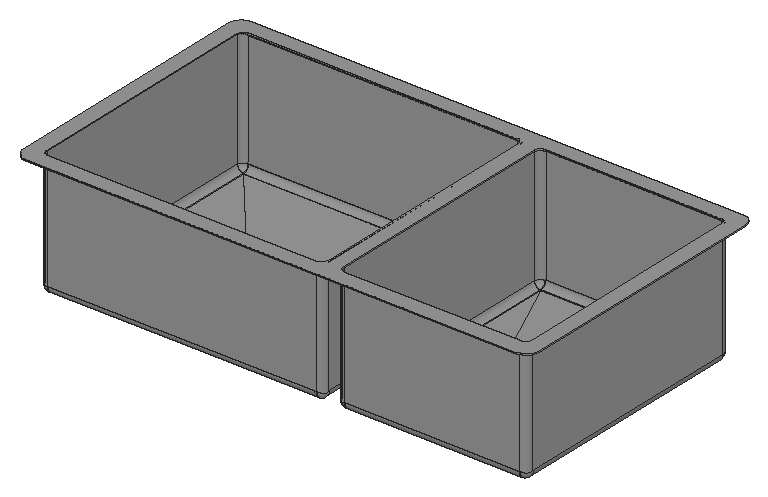
Revit family "BUILDMAT-SNGM015-Lincoln-825-Gunmetal", category Plumbing Fixtures, host Face, Revit 2020
Family settings
  Host = Face
  Round Connector Dimension = Use Diameter
  Part Type = Normal
  Cut with Voids When Loaded = No
  Shared = No
  Room Calculation Point = No
Parameters (values of type "Lincoln 825x450x205mm")
  Width 2 = 300.0 mm
  Width 1 = 450.0 mm
  Undermount [instance] = 20.0 mm
  URL = "https://www.buildmat.com.au/products/825x450x205-single-3qtr-bowl-sink"
  Sound Pad 2 = yes
  Sound Pad 1 = yes
  Model = "SN101015"  # constant formula
  Manufacturer URL = "https://www.buildmat.com.au/"
  Manufacturer = "BUILDMAT"  # constant formula
  Length = 400.0 mm
  Gap = 25.0 mm
  Drain Sound Pad 2 = yes
  Drain Sound Pad 1 = yes
  Description = "BUILDMAT - Lincoln 825x450 Single & 3/4 Bowl Sink"  # constant formula
  Depth = 205.0 mm
  Default Elevation = 1200.0 mm
  D. S. Pad 2 = 230.0 mm
  D. S. Pad 1 = 230.0 mm
  D. Bracket 4 = 100.0 mm
  D. Bracket 3 = 25.0 mm
  D. Bracket 2 = 30.0 mm
  D. Bracket 1 = 100.0 mm
  Created By URL = "https://www.buildmat.com.au/"
  Created By = "BUILDMAT"  # constant formula
  Created = "22.06.2022"  # constant formula
  Bracket 4 = yes
  Bracket 3 = no
  Bracket 2 = yes
  Bracket 1 = yes
  Material = BUILDMAT Gunmetal
Reference planes
  plane 1 "Center (Front/Back)": y = 0
  plane 2: z = 0
  plane 3 "Center (Left/Right)": x = 0
  plane 4: x = -12.5
  plane 5: x = 12.5
  plane 6: x = -462.5
  plane 7: x = 312.5
  plane 8: y = -200
  plane 9: y = 200
  plane 10: x = -487.5
  plane 11: x = 337.5
  plane 12: y = -225
  plane 13: y = 225
  plane 14: x = 162.5
  plane 15: x = -237.5
  plane 16: y = 190
  plane 17: y = -190
  plane 18: x = -452.5
  plane 19: x = -22.5
  plane 20: x = 22.5
  plane 21: x = 302.5
  plane 22: y = 201.5
  plane 23: y = -201.5
  plane 24: x = -464
  plane 25: x = -11
  plane 26: x = 11
  plane 27: x = 314
  plane 28: x = -294.5
  plane 29: x = -180.5
  plane 30: x = -192.5
  plane 31: x = -282.5
  plane 32: x = 105.5
  plane 33: x = 117.5
  plane 34: x = 207.5
  plane 35: x = 219.5
  plane 36 "Sound Pad 1": x = -232.5
  plane 37 "Sound Pad 2": x = 82.5
  plane 38 "Top Substrate": z = -20
  plane 39: z = -18.5
  plane 40 "Bottom Void": z = -225
  plane 41: z = -215
  plane 42: z = -205
  plane 43: z = -220
  plane 44: z = -221.481
  plane 45: z = -216.5
  plane 46 "Sound Pad": z = -125
  plane 47 "Bracket 1": x = -362.5
  plane 48 "Bracket 2": x = -42.5
  plane 49 "Bracket 3": x = 37.5
  plane 50 "Bracket 4": x = 212.5
  plane 51: y = 100
  plane 52: y = -100
  plane 53: x = -337.5
  plane 54: x = -137.5
  plane 55: x = 62.5
  plane 56: x = 262.5
  plane 57: z = -185
  plane 58: z = -165
Forms (mm)
  Extrusion 1, void
    sketch origin (0, 0, 0) x (1, 0, 0) y (0, 1, 0)
      loop
        arc (-452.5, 200) -> (-459.571, 197.071) -> (-462.5, 190) r 10
        line (-462.5, 190) -> (-462.5, -190)
        arc (-462.5, -190) -> (-459.571, -197.071) -> (-452.5, -200) r 10
        line (-452.5, -200) -> (302.5, -200)
        arc (302.5, -200) -> (309.571, -197.071) -> (312.5, -190) r 10
        line (312.5, -190) -> (312.5, 190)
        arc (312.5, 190) -> (309.571, 197.071) -> (302.5, 200) r 10
        line (302.5, 200) -> (-452.5, 200)
    from 0 to -18.5
  Extrusion 2, void
    sketch origin (0, 0, 0) x (1, 0, 0) y (0, 1, 0)
      loop
        arc (-467.5, 225) -> (-481.642, 219.142) -> (-487.5, 205) r 20
        line (-487.5, 205) -> (-487.5, -205)
        arc (-487.5, -205) -> (-481.642, -219.142) -> (-467.5, -225) r 20
        line (-467.5, -225) -> (317.5, -225)
        arc (317.5, -225) -> (331.642, -219.142) -> (337.5, -205) r 20
        line (337.5, -205) -> (337.5, 205)
        arc (337.5, 205) -> (331.642, 219.142) -> (317.5, 225) r 20
        line (317.5, 225) -> (-467.5, 225)
    from -20 to -18.5
  Extrusion 3, void
    sketch origin (0, 0, 0) x (1, 0, 0) y (0, 1, 0)
      loop
        line (-464, 201.5) -> (-464, -201.5) -> (314, -201.5) -> (314, 201.5) -> (-464, 201.5)
    from -225 to -20
  Extrusion 4, solid, material "BUILDMAT Gunmetal" <- "Material"
    sketch origin (0, 0, -20) x (-1, 0, 0) y (0, -1, 0)
      loop
        arc (467.5, -225) -> (481.642, -219.142) -> (487.5, -205) r 20
        line (487.5, -205) -> (487.5, 205)
        arc (487.5, 205) -> (481.642, 219.142) -> (467.5, 225) r 20
        line (467.5, 225) -> (-317.5, 225)
        arc (-317.5, 225) -> (-331.642, 219.142) -> (-337.5, 205) r 20
        line (-337.5, 205) -> (-337.5, -205)
        arc (-337.5, -205) -> (-331.642, -219.142) -> (-317.5, -225) r 20
        line (-317.5, -225) -> (467.5, -225)
      loop
        arc (452.5, -200) -> (459.571, -197.071) -> (462.5, -190) r 10
        line (462.5, -190) -> (462.5, 190)
        arc (462.5, 190) -> (459.571, 197.071) -> (452.5, 200) r 10
        line (452.5, 200) -> (22.5, 200)
        arc (22.5, 200) -> (15.429, 197.071) -> (12.5, 190) r 10
        line (12.5, 190) -> (12.5, -190)
        arc (12.5, -190) -> (15.429, -197.071) -> (22.5, -200) r 10
        line (22.5, -200) -> (452.5, -200)
      loop
        line (-12.5, -190) -> (-12.5, 190)
        arc (-12.5, 190) -> (-15.429, 197.071) -> (-22.5, 200) r 10
        line (-22.5, 200) -> (-302.5, 200)
        arc (-302.5, 200) -> (-309.571, 197.071) -> (-312.5, 190) r 10
        line (-312.5, 190) -> (-312.5, -190)
        arc (-312.5, -190) -> (-309.571, -197.071) -> (-302.5, -200) r 10
        line (-302.5, -200) -> (-22.5, -200)
        arc (-22.5, -200) -> (-15.429, -197.071) -> (-12.5, -190) r 10
    from 0 to 1.5
  Extrusion 5, solid, material "BUILDMAT Gunmetal" <- "Material"
    sketch origin (0, 0, -20) x (-1, 0, 0) y (0, -1, 0)
      loop
        arc (452.5, -200) -> (459.571, -197.071) -> (462.5, -190) r 10
        line (462.5, -190) -> (462.5, 190)
        arc (462.5, 190) -> (459.571, 197.071) -> (452.5, 200) r 10
        line (452.5, 200) -> (22.5, 200)
        arc (22.5, 200) -> (15.429, 197.071) -> (12.5, 190) r 10
        line (12.5, 190) -> (12.5, -190)
        arc (12.5, -190) -> (15.429, -197.071) -> (22.5, -200) r 10
        line (22.5, -200) -> (452.5, -200)
      loop
        arc (452.5, -201.5) -> (460.632, -198.132) -> (464, -190) r 11.5
        line (464, -190) -> (464, 190)
        arc (464, 190) -> (460.632, 198.132) -> (452.5, 201.5) r 11.5
        line (452.5, 201.5) -> (22.5, 201.5)
        arc (22.5, 201.5) -> (14.368, 198.132) -> (11, 190) r 11.5
        line (11, 190) -> (11, -190)
        arc (11, -190) -> (14.368, -198.132) -> (22.5, -201.5) r 11.5
        line (22.5, -201.5) -> (452.5, -201.5)
    from 0 to -185
  Extrusion 6, solid, material "BUILDMAT Gunmetal" <- "Material"
    sketch origin (0, 0, -20) x (-1, 0, 0) y (0, -1, 0)
      loop
        arc (-22.5, -200) -> (-15.429, -197.071) -> (-12.5, -190) r 10
        line (-12.5, -190) -> (-12.5, 190)
        arc (-12.5, 190) -> (-15.429, 197.071) -> (-22.5, 200) r 10
        line (-22.5, 200) -> (-302.5, 200)
        arc (-302.5, 200) -> (-309.571, 197.071) -> (-312.5, 190) r 10
        line (-312.5, 190) -> (-312.5, -190)
        arc (-312.5, -190) -> (-309.571, -197.071) -> (-302.5, -200) r 10
        line (-302.5, -200) -> (-22.5, -200)
      loop
        line (-11, -190) -> (-11, 190)
        arc (-11, 190) -> (-14.368, 198.132) -> (-22.5, 201.5) r 11.5
        line (-22.5, 201.5) -> (-302.5, 201.5)
        arc (-302.5, 201.5) -> (-310.632, 198.132) -> (-314, 190) r 11.5
        line (-314, 190) -> (-314, -190)
        arc (-314, -190) -> (-310.632, -198.132) -> (-302.5, -201.5) r 11.5
        line (-302.5, -201.5) -> (-22.5, -201.5)
        arc (-22.5, -201.5) -> (-14.368, -198.132) -> (-11, -190) r 11.5
    from 0 to -185
  Extrusion 7, solid, material "BUILDMAT Gunmetal" <- "Material"
    sketch origin (0, 0, 0) x (1, 0, 0) y (0, 0, 1)
      loop
        line (-462.5, -205) -> (-464, -205)
        arc (-464, -205) -> (-460.632, -213.132) -> (-452.5, -216.5) r 11.5
        line (-452.5, -216.5) -> (-452.5, -215)
        arc (-452.5, -215) -> (-459.571, -212.071) -> (-462.5, -205) r 10
    from -190 to 190
  Extrusion 8, solid, material "BUILDMAT Gunmetal" <- "Material"
    sketch origin (0, 0, 0) x (1, 0, 0) y (0, 0, 1)
      loop
        arc (-12.5, -205) -> (-15.429, -212.071) -> (-22.5, -215) r 10
        line (-22.5, -215) -> (-22.5, -216.5)
        arc (-22.5, -216.5) -> (-14.368, -213.132) -> (-11, -205) r 11.5
        line (-11, -205) -> (-12.5, -205)
    from -190 to 190
  Extrusion 9, solid, material "BUILDMAT Gunmetal" <- "Material"
    sketch origin (0, 0, 0) x (1, 0, 0) y (0, 0, 1)
      loop
        line (12.5, -205) -> (11, -205)
        arc (11, -205) -> (14.368, -213.132) -> (22.5, -216.5) r 11.5
        line (22.5, -216.5) -> (22.5, -215)
        arc (22.5, -215) -> (15.429, -212.071) -> (12.5, -205) r 10
    from -190 to 190
  Extrusion 10, solid, material "BUILDMAT Gunmetal" <- "Material"
    sketch origin (0, 0, 0) x (1, 0, 0) y (0, 0, 1)
      loop
        arc (312.5, -205) -> (309.571, -212.071) -> (302.5, -215) r 10
        line (302.5, -215) -> (302.5, -216.5)
        arc (302.5, -216.5) -> (310.632, -213.132) -> (314, -205) r 11.5
        line (314, -205) -> (312.5, -205)
    from -190 to 190
  Extrusion 11, solid, material "BUILDMAT Gunmetal" <- "Material"
    sketch origin (0, 0, 0) x (0, 1, 0) y (0, 0, 1)
      loop
        line (201.5, -205) -> (200, -205)
        arc (200, -205) -> (197.071, -212.071) -> (190, -215) r 10
        line (190, -215) -> (190, -216.5)
        arc (190, -216.5) -> (198.132, -213.132) -> (201.5, -205) r 11.5
    from 22.5 to 302.5
  Extrusion 12, solid, material "BUILDMAT Gunmetal" <- "Material"
    sketch origin (0, 0, 0) x (0, 1, 0) y (0, 0, 1)
      loop
        line (-200, -205) -> (-201.5, -205)
        arc (-201.5, -205) -> (-198.132, -213.132) -> (-190, -216.5) r 11.5
        line (-190, -216.5) -> (-190, -215)
        arc (-190, -215) -> (-197.071, -212.071) -> (-200, -205) r 10
    from 22.5 to 302.5
  Extrusion 13, solid, material "BUILDMAT Gunmetal" <- "Material"
    sketch origin (0, 0, 0) x (0, 1, 0) y (0, 0, 1)
      loop
        arc (200, -205) -> (197.071, -212.071) -> (190, -215) r 10
        line (190, -215) -> (190, -216.5)
        arc (190, -216.5) -> (198.132, -213.132) -> (201.5, -205) r 11.5
        line (201.5, -205) -> (200, -205)
    from -452.5 to -22.5
  Extrusion 14, solid, material "BUILDMAT Gunmetal" <- "Material"
    sketch origin (0, 0, 0) x (0, 1, 0) y (0, 0, 1)
      loop
        line (-200, -205) -> (-201.5, -205)
        arc (-201.5, -205) -> (-198.132, -213.132) -> (-190, -216.5) r 11.5
        line (-190, -216.5) -> (-190, -215)
        arc (-190, -215) -> (-197.071, -212.071) -> (-200, -205) r 10
    from -452.5 to -22.5
  Revolve 15, solid, material "BUILDMAT Gunmetal" <- "Material"
    sketch origin (-423.435, 190, 4000) x (-1, 0, 0) y (0, 0, 1)
      loop
        arc (39.065, -4205) -> (36.136, -4212.071) -> (29.065, -4215) r 10
        line (29.065, -4215) -> (29.065, -4216.5)
        arc (29.065, -4216.5) -> (37.196, -4213.132) -> (40.565, -4205) r 11.5
        line (40.565, -4205) -> (39.065, -4205)
      axis (29.065, -4205) -> (29.065, -4216.5)
    angle from -90 to 0
  Revolve 16, solid, material "BUILDMAT Gunmetal" <- "Material"
    sketch origin (-423.435, 190, 4000) x (-1, 0, 0) y (0, 0, 1)
      loop
        line (-410.935, -4205) -> (-412.435, -4205)
        arc (-412.435, -4205) -> (-409.067, -4213.132) -> (-400.935, -4216.5) r 11.5
        line (-400.935, -4216.5) -> (-400.935, -4215)
        arc (-400.935, -4215) -> (-408.006, -4212.071) -> (-410.935, -4205) r 10
      axis (-400.935, -4205) -> (-400.935, -4216.5)
    angle from -90 to 0
  Revolve 17, solid, material "BUILDMAT Gunmetal" <- "Material"
    sketch origin (-423.435, 190, 4000) x (-1, 0, 0) y (0, 0, 1)
      loop
        arc (-435.935, -4205) -> (-438.864, -4212.071) -> (-445.935, -4215) r 10
        line (-445.935, -4215) -> (-445.935, -4216.5)
        arc (-445.935, -4216.5) -> (-437.804, -4213.132) -> (-434.435, -4205) r 11.5
        line (-434.435, -4205) -> (-435.935, -4205)
      axis (-445.935, -4205) -> (-445.935, -4216.5)
    angle from -90 to 0
  Revolve 18, solid, material "BUILDMAT Gunmetal" <- "Material"
    sketch origin (-423.435, 190, 4000) x (-1, 0, 0) y (0, 0, 1)
      loop
        line (-735.935, -4205) -> (-737.435, -4205)
        arc (-737.435, -4205) -> (-734.067, -4213.132) -> (-725.935, -4216.5) r 11.5
        line (-725.935, -4216.5) -> (-725.935, -4215)
        arc (-725.935, -4215) -> (-733.006, -4212.071) -> (-735.935, -4205) r 10
      axis (-725.935, -4205) -> (-725.935, -4216.5)
    angle from -90 to 0
  Revolve 19, solid, material "BUILDMAT Gunmetal" <- "Material"
    sketch origin (-423.435, -190, 4000) x (-1, 0, 0) y (0, 0, 1)
      loop
        arc (39.065, -4205) -> (36.136, -4212.071) -> (29.065, -4215) r 10
        line (29.065, -4215) -> (29.065, -4216.5)
        arc (29.065, -4216.5) -> (37.196, -4213.132) -> (40.565, -4205) r 11.5
        line (40.565, -4205) -> (39.065, -4205)
      axis (29.065, -4205) -> (29.065, -4216.5)
    angle from 0 to 90
  Revolve 20, solid, material "BUILDMAT Gunmetal" <- "Material"
    sketch origin (-423.435, -190, 4000) x (-1, 0, 0) y (0, 0, 1)
      loop
        arc (-412.435, -4205) -> (-409.067, -4213.132) -> (-400.935, -4216.5) r 11.5
        line (-400.935, -4216.5) -> (-400.935, -4215)
        arc (-400.935, -4215) -> (-408.006, -4212.071) -> (-410.935, -4205) r 10
        line (-410.935, -4205) -> (-412.435, -4205)
      axis (-400.935, -4205) -> (-400.935, -4216.5)
    angle from 0 to 90
  Revolve 21, solid, material "BUILDMAT Gunmetal" <- "Material"
    sketch origin (-423.435, -190, 4000) x (-1, 0, 0) y (0, 0, 1)
      loop
        line (-434.435, -4205) -> (-435.935, -4205)
        arc (-435.935, -4205) -> (-438.864, -4212.071) -> (-445.935, -4215) r 10
        line (-445.935, -4215) -> (-445.935, -4216.5)
        arc (-445.935, -4216.5) -> (-437.804, -4213.132) -> (-434.435, -4205) r 11.5
      axis (-445.935, -4205) -> (-445.935, -4216.5)
    angle from 0 to 90
  Revolve 22, solid, material "BUILDMAT Gunmetal" <- "Material"
    sketch origin (-423.435, -190, 4000) x (-1, 0, 0) y (0, 0, 1)
      loop
        arc (-737.435, -4205) -> (-734.067, -4213.132) -> (-725.935, -4216.5) r 11.5
        line (-725.935, -4216.5) -> (-725.935, -4215)
        arc (-725.935, -4215) -> (-733.006, -4212.071) -> (-735.935, -4205) r 10
        line (-735.935, -4205) -> (-737.435, -4205)
      axis (-725.935, -4205) -> (-725.935, -4216.5)
    angle from 0 to 90
  Extrusion 23, solid, material "BUILDMAT Gunmetal" <- "Material"
    sketch origin (0, 0, -20) x (-1, 0, 0) y (0, -1, 0)
      loop
        line (22.5, -190) -> (452.5, -190) -> (452.5, 190) -> (22.5, 190) -> (22.5, -190)
    from -196.5 to -195
  Extrusion 24, solid, material "BUILDMAT Gunmetal" <- "Material"
    sketch origin (0, 0, -20) x (-1, 0, 0) y (0, -1, 0)
      loop
        line (-22.5, -190) -> (-22.5, 190) -> (-302.5, 190) -> (-302.5, -190) -> (-22.5, -190)
    from -196.5 to -195
  Blend 25, solid, material "BUILDMAT Gunmetal" <- "Material"
    base sketch origin (0, 0, -20) x (-1, 0, 0) y (0, -1, 0)
      loop
        circle (237.5, 0) r 57
    top sketch origin (0, 0, -20) x (-1, 0, 0) y (0, -1, 0)
      loop
        line (452.5, -190) -> (452.5, 190) -> (22.5, 190) -> (22.5, -190) -> (452.5, -190)
    from -201.481 to -196.5
  Blend 26, solid, material "BUILDMAT Gunmetal" <- "Material"
    base sketch origin (0, 0, -20) x (-1, 0, 0) y (0, -1, 0)
      loop
        circle (-162.5, 0) r 57
    top sketch origin (0, 0, -20) x (-1, 0, 0) y (0, -1, 0)
      loop
        line (-22.5, -190) -> (-22.5, 190) -> (-302.5, 190) -> (-302.5, -190) -> (-22.5, -190)
    from -201.481 to -196.5
  Blend 27, void
    base sketch origin (0, 0, -20) x (-1, 0, 0) y (0, -1, 0)
      loop
        circle (237.5, 0) r 57
    top sketch origin (0, 0, -20) x (-1, 0, 0) y (0, -1, 0)
      loop
        line (452.5, -190) -> (452.5, 190) -> (22.5, 190) -> (22.5, -190) -> (452.5, -190)
    from -200 to -195
  Blend 28, void
    base sketch origin (0, 0, -20) x (-1, 0, 0) y (0, -1, 0)
      loop
        circle (-162.5, 0) r 57
    top sketch origin (0, 0, -20) x (-1, 0, 0) y (0, -1, 0)
      loop
        line (-22.5, -190) -> (-22.5, 190) -> (-302.5, 190) -> (-302.5, -190) -> (-22.5, -190)
    from -200 to -195
  Extrusion 29, void
    sketch origin (0, 0, -225) x (-1, 0, 0) y (0, -1, 0)
      loop
        circle (237.5, 0) r 57
    from 0 to 5
  Extrusion 30, void
    sketch origin (0, 0, -225) x (-1, 0, 0) y (0, -1, 0)
      loop
        circle (-162.5, 0) r 57
    from 0 to 5
  Revolve 31, solid, material "BUILDMAT Gunmetal" <- "Material"
    sketch origin (0, 0, 0) x (1, 0, 0) y (0, 0, 1)
      loop
        spline (-294.5, -220) -> (-294.397, -220.653) -> (-294.091, -221.294) -> (-293.587, -221.913) -> (-292.892, -222.5) -> (-292.02, -223.044) -> (-290.985, -223.536) -> (-289.805, -223.967) -> (-288.5, -224.33) -> (-287.092, -224.619) -> (-285.606, -224.83) -> (-284.066, -224.957) -> (-282.5, -225)
        line (-282.5, -225) -> (-282.5, -223.5)
        spline (-282.5, -223.5) -> (-283.871, -223.47) -> (-285.218, -223.381) -> (-286.518, -223.234) -> (-287.75, -223.031) -> (-288.892, -222.777) -> (-289.925, -222.475) -> (-290.83, -222.131) -> (-291.593, -221.75) -> (-292.201, -221.339) -> (-292.642, -220.906) -> (-292.91, -220.457) -> (-293, -220)
        line (-293, -220) -> (-294.5, -220)
      axis (-237.5, -225) -> (-237.5, -220)
    angle from 0 to 360
  Revolve 32, solid, material "BUILDMAT Gunmetal" <- "Material"
    sketch origin (0, 0, 0) x (1, 0, 0) y (0, 0, 1)
      loop
        line (219.5, -220) -> (218, -220)
        spline (218, -220) -> (217.91, -220.457) -> (217.642, -220.906) -> (217.201, -221.339) -> (216.593, -221.75) -> (215.83, -222.131) -> (214.925, -222.475) -> (213.892, -222.777) -> (212.75, -223.031) -> (211.518, -223.234) -> (210.218, -223.381) -> (208.871, -223.47) -> (207.5, -223.5)
        line (207.5, -223.5) -> (207.5, -225)
        spline (207.5, -225) -> (209.066, -224.957) -> (210.606, -224.83) -> (212.092, -224.619) -> (213.5, -224.33) -> (214.805, -223.967) -> (215.985, -223.536) -> (217.02, -223.044) -> (217.892, -222.5) -> (218.587, -221.913) -> (219.091, -221.294) -> (219.397, -220.653) -> (219.5, -220)
      axis (162.5, -220) -> (162.5, -225)
    angle from 0 to 360
Cuts and joins
  Blend 27, Extrusion 29 cuts Extrusion 23
  Blend 27, Extrusion 29 cuts Blend 25
  joined: Extrusion 23, Blend 25
  Blend 28, Extrusion 30 cuts Extrusion 24
  Blend 28, Extrusion 30 cuts Blend 26
  joined: Extrusion 24, Blend 26
Lines and regions (mm)
  Masking region 1
    outline origin (0, 0, 0) x (1, 0, 0) y (0, 0, 1)
      loop
        line (-462.5, -20) -> (-462.5, -205)
        arc (-462.5, -205) -> (-459.791, -211.844) -> (-453.132, -214.98) r 10
        line (-453.132, -214.98) -> (-294.5, -220) -> (-180.5, -220) -> (-22.5, -215)
        arc (-22.5, -215) -> (-15.429, -212.071) -> (-12.5, -205) r 10
        line (-12.5, -205) -> (-12.5, -20) -> (-462.5, -20)
  Masking region 2
    outline origin (0, 0, 0) x (1, 0, 0) y (0, 0, 1)
      loop
        line (12.5, -20) -> (12.5, -205)
        arc (12.5, -205) -> (15.017, -211.633) -> (21.3, -214.928) r 10
        line (21.3, -214.928) -> (105.5, -220) -> (219.5, -220) -> (302.5, -215)
        arc (302.5, -215) -> (309.571, -212.071) -> (312.5, -205) r 10
        line (312.5, -205) -> (312.5, -20) -> (12.5, -20)
  Masking region 3, visible <- "Drain Sound Pad 1"
    outline origin (0, 0, 0) x (1, 0, 0) y (0, 0, 1)
      loop
        line (-294.5, -221.481) -> (-337.5, -220.126) -> (-337.5, -225) -> (-294.5, -225) -> (-294.5, -221.481)
  Masking region 4, visible <- "Drain Sound Pad 1"
    outline origin (0, 0, 0) x (1, 0, 0) y (0, 0, 1)
      loop
        line (-180.5, -221.481) -> (-180.5, -225) -> (-137.5, -225) -> (-137.5, -220.126) -> (-180.5, -221.481)
  Masking region 5, visible <- "Drain Sound Pad 2"
    outline origin (0, 0, 0) x (1, 0, 0) y (0, 0, 1)
      loop
        line (62.5, -218.901) -> (62.5, -225) -> (105.5, -225) -> (105.5, -221.481) -> (62.5, -218.901)
  Masking region 6, visible <- "Drain Sound Pad 2"
    outline origin (0, 0, 0) x (1, 0, 0) y (0, 0, 1)
      loop
        line (262.5, -218.901) -> (219.5, -221.481) -> (219.5, -225) -> (262.5, -225) -> (262.5, -218.901)
  Masking region 7
    outline origin (0, 0, 0) x (1, 0, 0) y (0, 0, 1)
      loop
        line (-11, -165) -> (-11, -185) -> (11, -185) -> (11, -165) -> (-11, -165)
Text (mm)
  text "Refer to www.buildmat.com.au for the most current product literature. \nAllow a +/- 5mm tolerance for dimensions shown in the product literature. \nPlease note product details are subject to change due to ongoing product development." at (0.056, -1035.857, 0), in view "Ref. Level"
Dimensions and locks
  equal spacing: plane 4, plane 3 "Center (Left/Right)", plane 5
  "Gap": plane 4 to plane 5
  "Width 1": plane 6 to plane 4
  "Width 2": plane 5 to plane 7
  equal spacing: plane 9, plane 1 "Center (Front/Back)", plane 8
  "Length": plane 8 to plane 9
  locked: plane 10 to plane 6 at 25
  locked: plane 7 to plane 11 at 25
  locked: plane 13 to plane 9 at 25
  locked: plane 8 to plane 12 at 25
  equal spacing: plane 5, plane 14, plane 7
  equal spacing: plane 6, plane 15, plane 4
  locked: plane 9 to plane 16 at 10
  locked: plane 17 to plane 8 at 10
  locked: plane 6 to plane 18 at 10
  locked: plane 19 to plane 4 at 10
  locked: plane 5 to plane 20 at 10
  locked: plane 21 to plane 7 at 10
  locked: plane 8 to plane 23 at 1.5
  locked: plane 22 to plane 9 at 1.5
  locked: plane 24 to plane 6 at 1.5
  locked: plane 4 to plane 25 at 1.5
  locked: plane 26 to plane 5 at 1.5
  locked: plane 7 to plane 27 at 1.5
  plane 28 to plane 15 to plane 29 = 57.0 mm locked, 57.0 mm locked
  plane 31 to plane 15 to plane 30 = 45.0 mm locked, 45.0 mm locked
  plane 32 to plane 14 to plane 35 = 57.0 mm locked, 57.0 mm locked
  plane 33 to plane 14 to plane 34 = 45.0 mm locked, 45.0 mm locked
  locked: plane 39 to plane 38 "Top Substrate" at 1.5
  plane 42 to plane 41 to plane 40 "Bottom Void" = 10.0 mm locked, 10.0 mm locked
  locked: plane 43 to plane 40 "Bottom Void" at 5
  locked: plane 43 to plane 44 at 1.481
  locked: plane 41 to plane 45 at 1.5
  locked: plane 46 "Sound Pad" to plane 40 "Bottom Void" at 100
  "Depth": plane 38 "Top Substrate" to plane 40 "Bottom Void"
  "Undermount": plane 2 to plane 38 "Top Substrate"
  "D. S. Pad 1": plane 36 "Sound Pad 1" to plane 6
  "D. S. Pad 2": plane 7 to plane 37 "Sound Pad 2"
  "D. Bracket 1": plane 47 "Bracket 1" to plane 6
  "D. Bracket 2": plane 4 to plane 48 "Bracket 2"
  "D. Bracket 3": plane 49 "Bracket 3" to plane 5
  "D. Bracket 4": plane 7 to plane 50 "Bracket 4"
  locked: plane 9 to plane 51 at 100
  locked: plane 52 to plane 8 at 100
  plane 54 to plane 15 to plane 53 = 100.0 mm locked, 100.0 mm locked
  plane 56 to plane 14 to plane 55 = 100.0 mm locked, 100.0 mm locked
  plane 58 to plane 57 to plane 42 = 20.0 mm locked, 20.0 mm locked
  aligned and locked: plane 2 to host face
  aligned and locked: level to host face
  aligned and locked: Extrusion 1 sketch curve to plane 9
  aligned and locked: Extrusion 1 sketch curve to plane 6
  aligned and locked: Extrusion 1 sketch curve to plane 7
  aligned and locked: Extrusion 1 sketch curve to plane 8
  aligned and locked: Extrusion 1 to level
  aligned and locked: Extrusion 1 to plane 39
  aligned and locked: Extrusion 2 sketch curve to plane 13
  aligned and locked: Extrusion 2 sketch curve to plane 10
  aligned and locked: Extrusion 2 sketch curve to plane 11
  aligned and locked: Extrusion 2 sketch curve to plane 12
  aligned and locked: Extrusion 2 to plane 38 "Top Substrate"
  aligned and locked: Extrusion 2 to plane 39
  aligned and locked: Extrusion 3 sketch curve to plane 22
  aligned and locked: Extrusion 3 sketch curve to plane 24
  aligned and locked: Extrusion 3 sketch curve to plane 27
  aligned and locked: Extrusion 3 sketch curve to plane 23
  aligned and locked: Extrusion 3 to plane 40 "Bottom Void"
  aligned and locked: plane 38 "Top Substrate" to Extrusion 3
  aligned and locked: Extrusion 4 sketch curve to plane 13
  aligned and locked: Extrusion 4 sketch curve to plane 10
  aligned and locked: Extrusion 4 sketch curve to plane 11
  aligned and locked: Extrusion 4 sketch curve to plane 12
  aligned and locked: Extrusion 4 sketch curve to plane 9  (x2)
  aligned and locked: Extrusion 4 sketch curve to plane 6
  aligned and locked: Extrusion 4 sketch curve to plane 8  (x2)
  aligned and locked: Extrusion 4 sketch curve to plane 4
  aligned and locked: Extrusion 4 sketch curve to plane 5
  aligned and locked: Extrusion 4 sketch curve to plane 7
  aligned and locked: Extrusion 4 to plane 38 "Top Substrate"
  aligned and locked: Extrusion 4 to plane 39
  aligned and locked: Extrusion 5 sketch curve to plane 9
  aligned and locked: Extrusion 5 sketch curve to plane 22
  aligned and locked: Extrusion 5 sketch curve to plane 6
  aligned and locked: Extrusion 5 sketch curve to plane 24
  aligned and locked: Extrusion 5 sketch curve to plane 25
  aligned and locked: Extrusion 5 sketch curve to plane 4
  aligned and locked: Extrusion 5 sketch curve to plane 23
  aligned and locked: Extrusion 5 sketch curve to plane 8
  aligned and locked: Extrusion 5 to plane 42
  aligned and locked: plane 38 "Top Substrate" to Extrusion 5
  aligned and locked: Extrusion 6 sketch curve to plane 9
  aligned and locked: Extrusion 6 sketch curve to plane 7
  aligned and locked: Extrusion 6 sketch curve to plane 8
  aligned and locked: Extrusion 6 sketch curve to plane 5
  aligned and locked: Extrusion 6 sketch curve to plane 26
  aligned and locked: Extrusion 6 sketch curve to plane 27
  aligned and locked: Extrusion 6 sketch curve to plane 22
  aligned and locked: Extrusion 6 sketch curve to plane 23
  aligned and locked: Extrusion 6 to plane 42
  aligned and locked: plane 38 "Top Substrate" to Extrusion 6
  aligned and locked: Extrusion 7 sketch curve to plane 42
  aligned and locked: Extrusion 7 sketch curve to plane 18
  aligned and locked: Extrusion 8 sketch curve to plane 42
  aligned and locked: Extrusion 8 sketch curve to plane 19
  aligned and locked: Extrusion 9 sketch curve to plane 42
  aligned and locked: Extrusion 9 sketch curve to plane 20
  aligned and locked: Extrusion 10 sketch curve to plane 21
  aligned and locked: plane 42 to Extrusion 10 sketch curve
  aligned and locked: plane 16 to Extrusion 10
  aligned and locked: plane 16 to Extrusion 9
  aligned and locked: plane 16 to Extrusion 8
  aligned and locked: plane 16 to Extrusion 7
  aligned and locked: Extrusion 10 to plane 17
  aligned and locked: Extrusion 9 to plane 17
  aligned and locked: Extrusion 8 to plane 17
  aligned and locked: Extrusion 7 to plane 17
  aligned and locked: plane 42 to Extrusion 11 sketch curve
  aligned and locked: plane 16 to Extrusion 11 sketch curve
  aligned and locked: plane 17 to Extrusion 12 sketch curve
  aligned and locked: plane 42 to Extrusion 12 sketch curve
  aligned and locked: plane 21 to Extrusion 11
  aligned and locked: plane 21 to Extrusion 12
  aligned and locked: Extrusion 11 to plane 20
  aligned and locked: Extrusion 12 to plane 20
  aligned and locked: plane 16 to Extrusion 13 sketch curve
  aligned and locked: plane 42 to Extrusion 13 sketch curve
  aligned and locked: plane 17 to Extrusion 14 sketch curve
  aligned and locked: plane 42 to Extrusion 14 sketch curve
  aligned and locked: Extrusion 14 to plane 18
  aligned and locked: plane 19 to Extrusion 14
  aligned and locked: Extrusion 13 to plane 18
  aligned and locked: plane 19 to Extrusion 13
  aligned and locked: Revolve 15 sketch curve to plane 18
  aligned and locked: Revolve 15 sketch curve to plane 42
  aligned and locked: plane 18 to Revolve 15 sketch curve
  aligned and locked: plane 18 to Revolve 15
  aligned and locked: plane 16 to Revolve 15
  aligned and locked: Revolve 16 sketch curve to plane 19
  aligned and locked: plane 19 to Revolve 16 sketch curve
  aligned and locked: plane 42 to Revolve 16 sketch curve
  aligned and locked: Revolve 16 to plane 19
  aligned and locked: plane 16 to Revolve 16
  aligned and locked: Revolve 17 sketch curve to plane 20
  aligned and locked: plane 42 to Revolve 17 sketch curve
  aligned and locked: plane 20 to Revolve 17 sketch curve
  aligned and locked: plane 20 to Revolve 17
  aligned and locked: plane 16 to Revolve 17
  aligned and locked: Revolve 18 sketch curve to plane 21
  aligned and locked: plane 21 to Revolve 18 sketch curve
  aligned and locked: plane 42 to Revolve 18 sketch curve
  aligned and locked: Revolve 18 to plane 21
  aligned and locked: Revolve 18 to plane 16
  aligned and locked: Revolve 19 sketch curve to plane 18
  aligned and locked: Revolve 19 sketch curve to plane 42
  aligned and locked: plane 18 to Revolve 19 sketch curve
  aligned and locked: Revolve 19 to plane 18
  aligned and locked: plane 17 to Revolve 19
  aligned and locked: Revolve 20 sketch curve to plane 19
  aligned and locked: plane 42 to Revolve 20 sketch curve
  aligned and locked: plane 19 to Revolve 20 sketch curve
  aligned and locked: plane 19 to Revolve 20
  aligned and locked: plane 17 to Revolve 20
  aligned and locked: Revolve 21 sketch curve to plane 20
  aligned and locked: plane 42 to Revolve 21 sketch curve
  aligned and locked: plane 20 to Revolve 21 sketch curve
  aligned and locked: Revolve 21 to plane 20
  aligned and locked: plane 17 to Revolve 21
  aligned and locked: Revolve 22 sketch curve to plane 21
  aligned and locked: plane 42 to Revolve 22 sketch curve
  aligned and locked: plane 21 to Revolve 22 sketch curve
  aligned and locked: Revolve 22 to plane 17
  aligned and locked: plane 21 to Revolve 22
  aligned and locked: Extrusion 23 sketch curve to plane 19
  aligned and locked: Extrusion 23 sketch curve to plane 18
  aligned and locked: Extrusion 23 sketch curve to plane 16
  aligned and locked: Extrusion 23 sketch curve to plane 17
  aligned and locked: Extrusion 23 to plane 45
  aligned and locked: plane 41 to Extrusion 23
  aligned and locked: Extrusion 24 sketch curve to plane 16
  aligned and locked: Extrusion 24 sketch curve to plane 17
  aligned and locked: Extrusion 24 sketch curve to plane 21
  aligned and locked: Extrusion 24 sketch curve to plane 20
  aligned and locked: Extrusion 24 to plane 45
  aligned and locked: Extrusion 24 to plane 41
  aligned and locked: plane 44 to Blend 25
  aligned and locked: plane 45 to Blend 25
  aligned and locked: plane 44 to Blend 26
  aligned and locked: Blend 26 to plane 45
  aligned and locked: Blend 25 sketch curve to plane 16
  aligned and locked: Blend 25 sketch curve to plane 17
  aligned and locked: Blend 25 sketch curve to plane 18
  aligned and locked: Blend 25 sketch curve to plane 19
  aligned and locked: Blend 26 sketch curve to plane 16
  aligned and locked: Blend 26 sketch curve to plane 17
  aligned and locked: Blend 26 sketch curve to plane 21
  aligned and locked: Blend 26 sketch curve to plane 20
  aligned and locked: Blend 27 sketch curve to plane 16
  aligned and locked: Blend 27 sketch curve to plane 17
  aligned and locked: Blend 27 sketch curve to plane 18
  aligned and locked: Blend 27 sketch curve to plane 19
  aligned and locked: Blend 27 to plane 43
  aligned and locked: plane 41 to Blend 27
  aligned and locked: Blend 28 sketch curve to plane 16
  aligned and locked: Blend 28 sketch curve to plane 17
  aligned and locked: Blend 28 sketch curve to plane 21
  aligned and locked: Blend 28 sketch curve to plane 20
  aligned and locked: Blend 28 to plane 43
  aligned and locked: Blend 28 to plane 41
  aligned and locked: Extrusion 29 to plane 40 "Bottom Void"
  aligned and locked: plane 43 to Extrusion 29
  aligned and locked: Extrusion 30 to plane 40 "Bottom Void"
  aligned and locked: plane 43 to Extrusion 30
  aligned and locked: plane 15 to Revolve 31 sketch curve
  aligned and locked: Revolve 31 sketch curve to plane 43
  aligned and locked: plane 31 to Revolve 31 sketch curve
  aligned and locked: Revolve 32 sketch curve to plane 14
  aligned and locked: plane 34 to Revolve 32 sketch curve
  aligned and locked: plane 43 to Revolve 32 sketch curve
  aligned and locked: plane 18 to nested 1
  aligned and locked: plane 19 to nested 1
  aligned and locked: plane 17 to nested 1
  aligned and locked: plane 16 to nested 1
  aligned and locked: plane 20 to nested 2
  aligned and locked: plane 21 to nested 2
  aligned and locked: nested 2 to plane 17
  aligned and locked: nested 2 to plane 16
  aligned and locked: plane 14 to nested 4
  aligned and locked: plane 15 to nested 3
  aligned and locked: plane 1 "Center (Front/Back)" to nested 3
  aligned and locked: plane 1 "Center (Front/Back)" to nested 4
  aligned and locked: plane 51 to nested 5
  aligned and locked: plane 24 to nested 5
  aligned and locked: plane 52 to nested 6
  aligned and locked: plane 24 to nested 6
  aligned and locked: plane 51 to nested 7
  aligned and locked: plane 52 to nested 8
  aligned and locked: nested 8 to plane 27
  aligned and locked: nested 7 to plane 27
  aligned and locked: nested 13 to plane 47 "Bracket 1"
  aligned and locked: nested 14 to plane 48 "Bracket 2"
  aligned and locked: plane 23 to nested 13
  aligned and locked: plane 23 to nested 14
  aligned and locked: nested 15 to plane 49 "Bracket 3"
  aligned and locked: plane 23 to nested 15
  aligned and locked: nested 16 to plane 50 "Bracket 4"
  aligned and locked: plane 23 to nested 16
  aligned and locked: plane 47 "Bracket 1" to nested 9
  aligned and locked: nested 9 to plane 22
  aligned and locked: plane 48 "Bracket 2" to nested 10
  aligned and locked: nested 10 to plane 22
  aligned and locked: plane 49 "Bracket 3" to nested 11
  aligned and locked: plane 50 "Bracket 4" to nested 12
  aligned and locked: nested 12 to plane 22
  aligned and locked: nested 11 to plane 22
  aligned and locked: Masking region 1 sketch curve to plane 38 "Top Substrate"
  aligned and locked: Masking region 1 sketch curve to plane 6
  aligned and locked: Masking region 1 sketch curve to plane 4
  aligned and locked: Masking region 1 sketch curve to Extrusion 7
  aligned and locked: Masking region 1 sketch curve to Extrusion 8
  aligned and locked: Masking region 1 sketch curve to plane 43
  aligned and locked: Masking region 1 sketch curve to cut or joined group of Extrusion 23, Blend 25, Blend 27, Extrusion 29  (x2)
  aligned and locked: Masking region 2 sketch curve to plane 38 "Top Substrate"
  aligned and locked: Masking region 2 sketch curve to plane 43
  aligned and locked: Masking region 2 sketch curve to plane 7
  aligned and locked: Masking region 2 sketch curve to plane 5
  aligned and locked: Masking region 2 sketch curve to Extrusion 9
  aligned and locked: Masking region 2 sketch curve to cut or joined group of Extrusion 24, Blend 26, Blend 28, Extrusion 30  (x2)
  aligned and locked: Masking region 2 sketch curve to Extrusion 10
  aligned and locked: nested 17 to plane 38 "Top Substrate"
  aligned and locked: plane 47 "Bracket 1" to nested 17
  aligned and locked: nested 18 to plane 38 "Top Substrate"
  aligned and locked: plane 48 "Bracket 2" to nested 18
  aligned and locked: nested 20 to plane 38 "Top Substrate"
  aligned and locked: plane 50 "Bracket 4" to nested 20
  aligned and locked: nested 19 to plane 38 "Top Substrate"
  aligned and locked: plane 49 "Bracket 3" to nested 19
  aligned and locked: nested 21 to plane 46 "Sound Pad"
  aligned and locked: plane 36 "Sound Pad 1" to nested 21
  aligned and locked: nested 22 to plane 46 "Sound Pad"
  aligned and locked: plane 37 "Sound Pad 2" to nested 22
  aligned and locked: Masking region 3 sketch curve to plane 28
  aligned and locked: cut or joined group of Extrusion 23, Blend 25, Blend 27, Extrusion 29 to Masking region 3 sketch curve
  aligned and locked: Masking region 3 sketch curve to plane 40 "Bottom Void"
  aligned and locked: Masking region 3 sketch curve to plane 53
  aligned and locked: Masking region 4 sketch curve to plane 29
  aligned and locked: Masking region 4 sketch curve to plane 54
  aligned and locked: Masking region 4 sketch curve to plane 40 "Bottom Void"
  aligned and locked: Masking region 4 sketch curve to cut or joined group of Extrusion 23, Blend 25, Blend 27, Extrusion 29
  aligned and locked: cut or joined group of Extrusion 24, Blend 26, Blend 28, Extrusion 30 to Masking region 5 sketch curve
  aligned and locked: Masking region 5 sketch curve to plane 55
  aligned and locked: Masking region 5 sketch curve to plane 32
  aligned and locked: Masking region 5 sketch curve to plane 40 "Bottom Void"
  aligned and locked: Masking region 6 sketch curve to plane 56
  aligned and locked: Masking region 6 sketch curve to plane 35
  aligned and locked: Masking region 6 sketch curve to cut or joined group of Extrusion 24, Blend 26, Blend 28, Extrusion 30
  aligned and locked: Masking region 6 sketch curve to plane 40 "Bottom Void"
  aligned and locked: Masking region 7 sketch curve to plane 58
  aligned and locked: Masking region 7 sketch curve to plane 57
  aligned and locked: Masking region 7 sketch curve to plane 25
  aligned and locked: Masking region 7 sketch curve to plane 26
Automatic sketch dimensions
  host sketch curve to host sketch curve = 2438.4 mm  (x2)
  Extrusion 1 sketch curve to plane 17 = 0.0 mm
  Extrusion 1 sketch curve to plane 18 = 0.0 mm
  Extrusion 1 sketch curve to plane 21 = 0.0 mm
  Extrusion 1 sketch curve to plane 16 = 0.0 mm
  Extrusion 2 sketch curve to plane 24 = 3.5 mm
  Extrusion 2 sketch curve to plane 23 = 3.5 mm
  plane 22 to Extrusion 2 sketch curve = 3.5 mm
  plane 27 to Extrusion 2 sketch curve = 3.5 mm
  Extrusion 4 sketch curve to plane 21 = 0.0 mm
  Extrusion 4 sketch curve to plane 16 = 0.0 mm  (x2)
  Extrusion 4 sketch curve to plane 20 = 0.0 mm
  Extrusion 4 sketch curve to plane 19 = 0.0 mm  (x2)
  Extrusion 4 sketch curve to plane 18 = 0.0 mm  (x2)
  plane 27 to Extrusion 4 sketch curve = 3.5 mm  (x2)
  Extrusion 4 sketch curve to plane 24 = 3.5 mm
  plane 22 to Extrusion 4 sketch curve = 3.5 mm
  Extrusion 5 sketch curve to plane 19 = 0.0 mm
  Extrusion 5 sketch curve to plane 18 = 0.0 mm  (x2)
  Extrusion 5 sketch curve to plane 17 = 0.0 mm
  Extrusion 5 sketch curve to Extrusion 5 sketch curve = 0.0 mm  (x4)
  Extrusion 6 sketch curve to plane 21 = 0.0 mm
  Extrusion 6 sketch curve to plane 20 = 0.0 mm  (x2)
  Extrusion 6 sketch curve to plane 16 = 0.0 mm
  Extrusion 6 sketch curve to Extrusion 6 sketch curve = 0.0 mm  (x4)
  Extrusion 7 sketch curve to plane 6 = 0.0 mm
  Extrusion 7 sketch curve to plane 45 = 0.0 mm
  Extrusion 8 sketch curve to plane 4 = 0.0 mm
  Extrusion 8 sketch curve to plane 45 = 0.0 mm
  Extrusion 9 sketch curve to plane 5 = 0.0 mm
  Extrusion 9 sketch curve to plane 45 = 0.0 mm
  Extrusion 10 sketch curve to plane 7 = 0.0 mm
  Extrusion 10 sketch curve to plane 45 = 0.0 mm
  Extrusion 11 sketch curve to plane 9 = 0.0 mm
  Extrusion 11 sketch curve to plane 45 = 0.0 mm
  Extrusion 12 sketch curve to plane 8 = 0.0 mm
  Extrusion 12 sketch curve to plane 45 = 0.0 mm
  Extrusion 13 sketch curve to plane 9 = 0.0 mm
  Extrusion 13 sketch curve to plane 45 = 0.0 mm
  Extrusion 14 sketch curve to plane 8 = 0.0 mm
  Extrusion 14 sketch curve to plane 45 = 0.0 mm
  Revolve 15 sketch curve to plane 6 = 0.0 mm
  Revolve 15 sketch curve to plane 45 = 0.0 mm  (x2)
  Revolve 15 sketch curve to plane 42 = 0.0 mm
  Revolve 16 sketch curve to plane 4 = 0.0 mm
  Revolve 16 sketch curve to plane 45 = 0.0 mm  (x2)
  Revolve 16 sketch curve to plane 42 = 0.0 mm
  Revolve 17 sketch curve to plane 5 = 0.0 mm
  Revolve 17 sketch curve to plane 45 = 0.0 mm  (x2)
  Revolve 17 sketch curve to plane 42 = 0.0 mm
  Revolve 18 sketch curve to plane 7 = 0.0 mm
  Revolve 18 sketch curve to plane 45 = 0.0 mm  (x2)
  Revolve 18 sketch curve to plane 42 = 0.0 mm
  Revolve 19 sketch curve to plane 6 = 0.0 mm
  Revolve 19 sketch curve to plane 45 = 0.0 mm  (x2)
  Revolve 19 sketch curve to plane 42 = 0.0 mm
  Revolve 20 sketch curve to plane 4 = 0.0 mm
  Revolve 20 sketch curve to plane 45 = 0.0 mm  (x2)
  Revolve 20 sketch curve to plane 42 = 0.0 mm
  Revolve 21 sketch curve to plane 5 = 0.0 mm
  Revolve 21 sketch curve to plane 45 = 0.0 mm  (x2)
  Revolve 21 sketch curve to plane 42 = 0.0 mm
  Revolve 22 sketch curve to plane 7 = 0.0 mm
  Revolve 22 sketch curve to plane 45 = 0.0 mm  (x2)
  Revolve 22 sketch curve to plane 42 = 0.0 mm
  plane 1 "Center (Front/Back)" to Blend 25 sketch curve = 0.0 mm
  Blend 25 sketch curve to plane 15 = 0.0 mm
  plane 1 "Center (Front/Back)" to Blend 26 sketch curve = 0.0 mm
  Blend 26 sketch curve to plane 14 = 0.0 mm
  plane 1 "Center (Front/Back)" to Blend 27 sketch curve = 0.0 mm
  Blend 27 sketch curve to plane 15 = 0.0 mm
  plane 1 "Center (Front/Back)" to Blend 28 sketch curve = 0.0 mm
  Blend 28 sketch curve to plane 14 = 0.0 mm
  plane 1 "Center (Front/Back)" to Extrusion 29 sketch curve = 0.0 mm
  Extrusion 29 sketch curve to plane 15 = 0.0 mm
  plane 1 "Center (Front/Back)" to Extrusion 30 sketch curve = 0.0 mm
  Extrusion 30 sketch curve to plane 14 = 0.0 mm
  Revolve 31 sketch curve to plane 28 = 0.0 mm
  Revolve 31 sketch curve to plane 40 "Bottom Void" = 0.0 mm
  Revolve 31 sketch curve to plane 42 = 0.0 mm
  plane 28 to Revolve 31 sketch curve = 1.5 mm
  Revolve 31 sketch curve to Revolve 31 sketch curve = 1.5 mm
  plane 40 "Bottom Void" to Revolve 31 sketch curve = 0.0 mm
  Revolve 32 sketch curve to plane 35 = 0.0 mm
  Revolve 32 sketch curve to plane 40 "Bottom Void" = 0.0 mm
  Revolve 32 sketch curve to plane 42 = 0.0 mm
  Revolve 32 sketch curve to Revolve 32 sketch curve = 1.5 mm  (x2)
  plane 40 "Bottom Void" to Revolve 32 sketch curve = 0.0 mm
  radius of Blend 25 sketch curve = 57.0 mm
  radius of Blend 26 sketch curve = 57.0 mm
  radius of Blend 27 sketch curve = 57.0 mm
  radius of Blend 28 sketch curve = 57.0 mm
  radius of Extrusion 29 sketch curve = 57.0 mm
  radius of Extrusion 30 sketch curve = 57.0 mm
Nested families
  nested 1: "BOWL Plan" at (-237.5, 0, -125), type "BOWL Plan"
    with Width 430.0 mm, Lenght 380.0 mm
  nested 2: "BOWL Plan" at (162.5, 0, -125), type "BOWL Plan"
    with Width 280.0 mm, Lenght 380.0 mm
  nested 3: "DRAIN" at (-237.5, 0, -20), type "DRAIN"
  nested 4: "DRAIN" at (162.5, 0, -20), type "DRAIN"
  nested 5: "TMB_Plan" at (-464, 100, -225) x (0, 1, 0) z (0, 0, 1), type "TMB_Plan"
  nested 6: "TMB_Plan" at (-464, -100, -225) x (0, 1, 0) z (0, 0, 1), type "TMB_Plan"
  nested 7: "TMB_Plan" at (314, 100, -225) x (0, -1, 0) z (0, 0, 1), type "TMB_Plan"
  nested 8: "TMB_Plan" at (314, -100, -225) x (0, -1, 0) z (0, 0, 1), type "TMB_Plan"
  nested 9: "TMB_Plan" at (-362.5, 201.5, -225), visible <- "Bracket 1", type "TMB_Plan"
  nested 10: "TMB_Plan" at (-42.5, 201.5, -225), visible <- "Bracket 2", type "TMB_Plan"
  nested 11: "TMB_Plan" at (37.5, 201.5, -225), visible <- "Bracket 3", type "TMB_Plan"
  nested 12: "TMB_Plan" at (212.5, 201.5, -225), visible <- "Bracket 4", type "TMB_Plan"
  nested 13: "TMB_Plan" at (-362.5, -201.5, -225) x (-1, 0, 0) z (0, 0, 1), visible <- "Bracket 1", type "TMB_Plan"
  nested 14: "TMB_Plan" at (-42.5, -201.5, -225) x (-1, 0, 0) z (0, 0, 1), visible <- "Bracket 2", type "TMB_Plan"
  nested 15: "TMB_Plan" at (37.5, -201.5, -225) x (-1, 0, 0) z (0, 0, 1), visible <- "Bracket 3", type "TMB_Plan"
  nested 16: "TMB_Plan" at (212.5, -201.5, -225) x (-1, 0, 0) z (0, 0, 1), visible <- "Bracket 4", type "TMB_Plan"
  nested 17: "TMB_Front" at (-362.5, 0, -20) x (1, 0, 0) z (0, -1, 0), visible <- "Bracket 1", type "TMB_Front"
  nested 18: "TMB_Front" at (-42.5, 0, -20) x (1, 0, 0) z (0, -1, 0), visible <- "Bracket 2", type "TMB_Front"
  nested 19: "TMB_Front" at (37.5, 0, -20) x (1, 0, 0) z (0, -1, 0), visible <- "Bracket 3", type "TMB_Front"
  nested 20: "TMB_Front" at (212.5, 0, -20) x (1, 0, 0) z (0, -1, 0), visible <- "Bracket 4", type "TMB_Front"
  nested 21: "SP_Front" at (-232.5, 0, -125) x (1, 0, 0) z (0, -1, 0), visible <- "Sound Pad 1", type "SP_Front"
  nested 22: "SP_Front" at (82.5, 0, -125) x (1, 0, 0) z (0, -1, 0), visible <- "Sound Pad 2", type "SP_Front"
Definition of nested family "BOWL Plan"
  Parameters (values of type "BOWL Plan")
    Width [instance] = 600.0 mm
    Lenght [instance] = 400.0 mm
  Reference planes
    plane 1 "Center (Front/Back)": y = 0
    plane 2: z = 0
    plane 3 "Center (Left/Right)": x = 0
    plane 4 "Left": x = -300
    plane 5 "Right": x = 300
    plane 6 "Back": y = 200
    plane 7 "Front": y = -200
  Lines and regions (mm)
    Masking region 1, in view "Ref. Level"
      outline origin (0, 0, 0) x (1, 0, 0) y (0, 1, 0)
        loop
          line (-300, 200) -> (-300, -200) -> (300, -200) -> (300, 200) -> (-300, 200)
    detail lines, in view "Ref. Level"
      curve 1: line (-300, 200, 0) -> (300, -200, 0)
      curve 2: line (-300, -200, 0) -> (300, 200, 0)
  Dimensions and locks
    equal spacing: plane 6 "Back", plane 1 "Center (Front/Back)", plane 7 "Front"
    "Lenght": plane 6 "Back" to plane 7 "Front"
    equal spacing: plane 4 "Left", plane 3 "Center (Left/Right)", plane 5 "Right"
    "Width": plane 4 "Left" to plane 5 "Right"
    aligned and locked: plane 4 "Left" to Masking region 1 sketch curve
    aligned and locked: Masking region 1 sketch curve to plane 5 "Right"
    aligned and locked: plane 7 "Front" to Masking region 1 sketch curve
    aligned and locked: Masking region 1 sketch curve to plane 6 "Back"
  Automatic sketch dimensions
    curve 2 to plane 4 "Left" = 0.0 mm
    curve 1 to plane 4 "Left" = 0.0 mm
    curve 2 to plane 5 "Right" = 0.0 mm
    curve 1 to plane 5 "Right" = 0.0 mm
    curve 1 to plane 7 "Front" = 0.0 mm
    curve 2 to plane 7 "Front" = 0.0 mm
    curve 2 to plane 6 "Back" = 0.0 mm
    curve 1 to plane 6 "Back" = 0.0 mm
Definition of nested family "DRAIN"
  Reference planes
    plane 1 "Center (Front/Back)": y = 0
    plane 2: z = 0
    plane 3 "Center (Left/Right)": x = 0
  Lines and regions (mm)
    Masking region 1, in view "Ref. Level"
      outline origin (0, 0, 0) x (1, 0, 0) y (0, 1, 0)
        loop
          circle (0, 0) r 57
    detail lines, in view "Ref. Level"
      curve 1: circle (0, 0, 0) r 45 normal (0, 0, 1)
      curve 2: circle (0, 0, 0) r 55.5 normal (0, 0, 1)
Definition of nested family "TMB_Plan"
  Reference planes
    plane 1 "Center (Front/Back)": y = 0
    plane 2: z = 0
    plane 3 "Center (Left/Right)": x = 0
  Lines and regions (mm)
    detail lines, in view "Ref. Level"
      curve 1: line (-17.5, 0, 0) -> (17.5, 0, 0)
      curve 2: line (17.5, 0, 0) -> (17.5, 5, 0)
      curve 3: line (17.5, 5, 0) -> (12.5, 5, 0)
      curve 4: line (-17.5, 0, 0) -> (-17.5, 5, 0)
      curve 5: line (-17.5, 5, 0) -> (-12.5, 5, 0)
Definition of nested family "TMB_Front"
  Reference planes
    plane 1 "Center (Elevation)": y = 0
    plane 2: z = 0
    plane 3 "Center (Left/Right)": x = 0
  Lines and regions (mm)
    Masking region 1, in view "Ref. Level"
      outline origin (0, 0, 0) x (1, 0, 0) y (0, 1, 0)
        loop
          line (-17.5, 0) -> (-17.5, -80) -> (17.5, -80) -> (17.5, 0) -> (-17.5, 0)
    detail lines, in view "Ref. Level"
      curve 1: line (-17.5, 0, 0) -> (-17.5, -80, 0)
      curve 2: line (-17.5, -80, 0) -> (17.5, -80, 0)
      curve 3: line (17.5, -80, 0) -> (17.5, 0, 0)
      curve 4: line (-12.5, -50, 0) -> (12.5, -50, 0)
      curve 5: line (-12.5, -75, 0) -> (-12.5, -50, 0)
      curve 6: line (12.5, -75, 0) -> (-12.5, -75, 0)
      curve 7: line (12.5, -50, 0) -> (12.5, -75, 0)
Definition of nested family "SP_Front"
  Reference planes
    plane 1 "Center (Elevation)": y = 0
    plane 2: z = 0
    plane 3 "Center (Left/Right)": x = 0
  Lines and regions (mm)
    Masking region 1, in view "Ref. Level"
      outline origin (0, 0, 0) x (1, 0, 0) y (0, 1, 0)
        loop
          arc (-50, 40) -> (-57.071, 37.071) -> (-60, 30) r 10
          line (-60, 30) -> (-60, -30)
          arc (-60, -30) -> (-57.071, -37.071) -> (-50, -40) r 10
          line (-50, -40) -> (50, -40)
          arc (50, -40) -> (57.071, -37.071) -> (60, -30) r 10
          line (60, -30) -> (60, 30)
          arc (60, 30) -> (57.071, 37.071) -> (50, 40) r 10
          line (50, 40) -> (-50, 40)
    detail lines, in view "Ref. Level"
      curve 1: line (-50, 40, 0) -> (50, 40, 0)
      curve 2: line (50, -40, 0) -> (-50, -40, 0)
      curve 3: line (60, 30, 0) -> (60, -30, 0)
      curve 4: line (-60, 30, 0) -> (-60, -30, 0)
      curve 5: arc (-50, 40, 0) -> (-57.071, 37.071, 0) -> (-60, 30, 0) r 10
      curve 6: arc (-60, -30, 0) -> (-57.071, -37.071, 0) -> (-50, -40, 0) r 10
      curve 7: arc (50, -40, 0) -> (57.071, -37.071, 0) -> (60, -30, 0) r 10
      curve 8: arc (60, 30, 0) -> (57.071, 37.071, 0) -> (50, 40, 0) r 10
  Dimensions and locks
    aligned and locked: Masking region 1 sketch curve to curve 1
    aligned and locked: Masking region 1 sketch curve to curve 4
    aligned and locked: Masking region 1 sketch curve to curve 2
    aligned and locked: Masking region 1 sketch curve to curve 3
